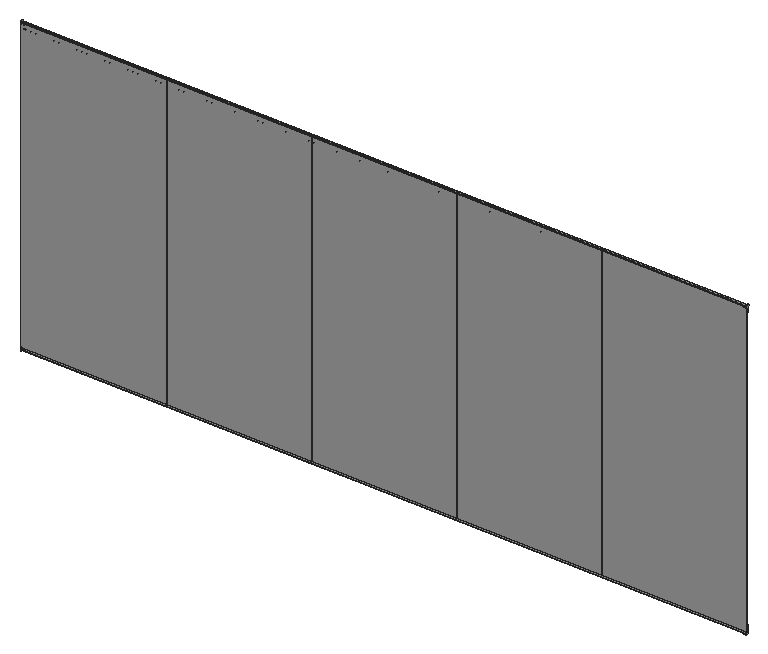
Revit family "Unity Glass Wall 8x20", category Generic Models, Revit 2018
Family settings
  Can host rebar = No
  Round Connector Dimension = Use Diameter
  Part Type = Normal
  Work Plane-Based = No
  Always vertical = Yes
  Cut with Voids When Loaded = No
  Shared = No
  Room Calculation Point = No
Parameters
  Panel #5 = Unity Glass Wall 8x20 Panel #5
  Panel #4 = Unity Glass Wall 8x20 Panel #4
  Panel #3 = Unity Glass Wall 8x20 Panel #3
  Panel #2 = Unity Glass Wall 8x20 Panel #2
  Panel #1 = Unity Glass Wall 8x20 Panel #1
Reference planes (in)
  plane 1 "Center (Front/Back)": y = 0
  plane 2: z = 0
  plane 3 "Center (Left/Right)": x = 0
Forms (in)
  Extrusion 1, solid, material "Unity Glass Wall Trim Metal"
    sketch origin (-118.11024, 0, 12.64022) x (0, 1, 0) y (0, 0, 1)
      loop
        line (0, 83.30899) -> (-0.645, 83.30899)
        arc (-0.645, 83.30899) -> (-0.70034, 83.28391) -> (-0.71795, 83.22577) r 0.07358
        arc (-0.71795, 83.22577) -> (-0.66251, 82.98163) -> (-0.5634, 82.75172) r 1.36464
        arc (-0.5634, 82.75172) -> (-0.54859, 82.73439) -> (-0.52802, 82.72453) r 0.05514
        line (-0.52802, 82.72453) -> (-0.48302, 82.72453) -> (-0.48302, 82.77531) -> (-0.51842, 82.77531)
        arc (-0.51842, 82.77531) -> (-0.6141, 82.99698) -> (-0.66761, 83.23242) r 1.31386
        arc (-0.66761, 83.23242) -> (-0.66215, 83.25044) -> (-0.645, 83.25821) r 0.0228
        line (-0.645, 83.25821) -> (-0.05078, 83.25821) -> (-0.05078, 82.12852) -> (-0.118, 82.19574) -> (-0.118, 82.45703) -> (-0.166, 82.45703) -> (-0.166, 82.19574)
        arc (-0.166, 82.19574) -> (-0.16235, 82.17737) -> (-0.15194, 82.1618) r 0.048
        line (-0.15194, 82.1618) -> (-0.1, 82.10985) -> (-0.1, 81.00078)
        arc (-0.1, 81.00078) -> (-0.05, 80.95078) -> (0, 81.00078) r 0.05
        line (0, 81.00078) -> (0, 83.30899)
    from 0.2 to 236.02047
  Extrusion 2, solid, material "Unity Glass Wall 8x20 Panel #1" <- "Panel #1"
    sketch origin (-118.11024, 0, 0.63581) x (0, 1, 0) y (0, 0, 1)
      loop
        line (-0.48802, -0.53425) -> (-0.28802, -0.53425) -> (-0.28802, 95.26263) -> (-0.48802, 95.26263) -> (-0.48802, -0.53425)
    from 0 to 47.24409
  Extrusion 3, solid, material "Unity Glass Wall Trim Metal"
    sketch origin (-70.86614, 0, 12.64022) x (0, 1, 0) y (0, 0, 1)
      loop
        line (0, 83.35978) -> (-0.645, 83.35978)
        arc (-0.645, 83.35978) -> (-0.73852, 83.31739) -> (-0.76829, 83.21911) r 0.12436
        arc (-0.76829, 83.21911) -> (-0.55414, 82.63679) -> (-0.11151, 82.20201) r 1.41542
        arc (-0.11151, 82.20201) -> (-0.09645, 82.19579) -> (-0.08019, 82.19478) r 0.04981
        line (-0.08019, 82.19478) -> (0, 82.19478) -> (0, 83.35978)
    from -47.24409 to -47.34409
  Extrusion 4, solid, material "Unity Glass Wall Trim Metal"
    sketch origin (-165.35433, 0, 12.64022) x (0, 1, 0) y (0, 0, -1)
      loop
        line (0, -83.35978) -> (0, -81.00078)
        arc (0, -81.00078) -> (-0.05, -80.95078) -> (-0.1, -81.00078) r 0.05
        line (-0.1, -81.00078) -> (-0.1, -82.10985) -> (-0.15194, -82.1618)
        arc (-0.15194, -82.1618) -> (-0.16235, -82.17737) -> (-0.166, -82.19574) r 0.048
        line (-0.166, -82.19574) -> (-0.166, -82.45703) -> (-0.118, -82.45703) -> (-0.118, -82.19574) -> (-0.048, -82.12574) -> (-0.048, -83.30899) -> (-0.645, -83.30899)
        arc (-0.645, -83.30899) -> (-0.70034, -83.28391) -> (-0.71795, -83.22577) r 0.07358
        arc (-0.71795, -83.22577) -> (-0.66202, -82.98012) -> (-0.56188, -82.74894) r 1.36464
        arc (-0.56188, -82.74894) -> (-0.5474, -82.73362) -> (-0.52802, -82.72531) r 0.05198
        line (-0.52802, -82.72531) -> (-0.48302, -82.72531) -> (-0.48302, -82.67453) -> (-0.5309, -82.67453)
        arc (-0.5309, -82.67453) -> (-0.56773, -82.68318) -> (-0.59684, -82.70734) r 0.08265
        arc (-0.59684, -82.70734) -> (-0.70718, -82.95498) -> (-0.76829, -83.21911) r 1.41542
        arc (-0.76829, -83.21911) -> (-0.73852, -83.31739) -> (-0.645, -83.35978) r 0.12436
        line (-0.645, -83.35978) -> (0, -83.35978)
    from -47.24409 to -47.44409
  Extrusion 5, solid, material "Unity Glass Wall Trim Metal"
    sketch origin (-118.11024, 0, 83.35978) x (0, 1, 0) y (0, 0, 1)
      loop
        line (0, -83.30899) -> (0, -81.00078)
        arc (0, -81.00078) -> (-0.05, -80.95078) -> (-0.1, -81.00078) r 0.05
        line (-0.1, -81.00078) -> (-0.1, -82.10985) -> (-0.15194, -82.1618)
        arc (-0.15194, -82.1618) -> (-0.16235, -82.17737) -> (-0.166, -82.19574) r 0.048
        line (-0.166, -82.19574) -> (-0.166, -82.45703) -> (-0.118, -82.45703) -> (-0.118, -82.19574) -> (-0.05078, -82.12852) -> (-0.05078, -83.25821) -> (-0.645, -83.25821)
        arc (-0.645, -83.25821) -> (-0.66215, -83.25044) -> (-0.66761, -83.23242) r 0.0228
        arc (-0.66761, -83.23242) -> (-0.6141, -82.99698) -> (-0.51842, -82.77531) r 1.31386
        line (-0.51842, -82.77531) -> (-0.48302, -82.77531) -> (-0.48302, -82.72453) -> (-0.52802, -82.72453)
        arc (-0.52802, -82.72453) -> (-0.54859, -82.73439) -> (-0.5634, -82.75172) r 0.05514
        arc (-0.5634, -82.75172) -> (-0.66251, -82.98163) -> (-0.71795, -83.22577) r 1.36464
        arc (-0.71795, -83.22577) -> (-0.70034, -83.28391) -> (-0.645, -83.30899) r 0.07358
        line (-0.645, -83.30899) -> (0, -83.30899)
    from 0.2 to 236.02047
  Extrusion 6, solid, material "Unity Glass Wall Trim Metal"
    sketch origin (-70.86614, 0, 83.35978) x (0, 1, 0) y (0, 0, 1)
      loop
        line (0, -83.35978) -> (0, -82.19478) -> (-0.08019, -82.19478)
        arc (-0.08019, -82.19478) -> (-0.09645, -82.19579) -> (-0.11151, -82.20201) r 0.04981
        arc (-0.11151, -82.20201) -> (-0.55414, -82.63679) -> (-0.76829, -83.21911) r 1.41542
        arc (-0.76829, -83.21911) -> (-0.73852, -83.31739) -> (-0.645, -83.35978) r 0.12436
        line (-0.645, -83.35978) -> (0, -83.35978)
    from -47.24409 to -47.34409
  Extrusion 7, solid, material "Unity Glass Wall Trim Metal"
    sketch origin (-165.35433, 0, 83.35978) x (0, 1, 0) y (0, 0, -1)
      loop
        line (0, 83.35978) -> (-0.645, 83.35978)
        arc (-0.645, 83.35978) -> (-0.73852, 83.31739) -> (-0.76829, 83.21911) r 0.12436
        arc (-0.76829, 83.21911) -> (-0.70718, 82.95498) -> (-0.59684, 82.70734) r 1.41542
        arc (-0.59684, 82.70734) -> (-0.56773, 82.68318) -> (-0.5309, 82.67453) r 0.08265
        line (-0.5309, 82.67453) -> (-0.48302, 82.67453) -> (-0.48302, 82.72531) -> (-0.52802, 82.72531)
        arc (-0.52802, 82.72531) -> (-0.5474, 82.73362) -> (-0.56188, 82.74894) r 0.05198
        arc (-0.56188, 82.74894) -> (-0.66202, 82.98012) -> (-0.71795, 83.22577) r 1.36464
        arc (-0.71795, 83.22577) -> (-0.70034, 83.28391) -> (-0.645, 83.30899) r 0.07358
        line (-0.645, 83.30899) -> (-0.048, 83.30899) -> (-0.048, 82.12574) -> (-0.118, 82.19574) -> (-0.118, 82.45703) -> (-0.166, 82.45703) -> (-0.166, 82.19574)
        arc (-0.166, 82.19574) -> (-0.16235, 82.17737) -> (-0.15194, 82.1618) r 0.048
        line (-0.15194, 82.1618) -> (-0.1, 82.10985) -> (-0.1, 81.00078)
        arc (-0.1, 81.00078) -> (-0.05, 80.95078) -> (0, 81.00078) r 0.05
        line (0, 81.00078) -> (0, 83.35978)
    from -47.24409 to -47.44409
  Extrusion 8, solid, material "Unity Glass Wall 8x20 Panel #2" <- "Panel #2"
    sketch origin (-70.86614, 0, 0.63581) x (0, 1, 0) y (0, 0, 1)
      loop
        line (-0.48802, -0.53425) -> (-0.28802, -0.53425) -> (-0.28802, 95.26263) -> (-0.48802, 95.26263) -> (-0.48802, -0.53425)
    from 0 to 47.24409
  Extrusion 9, solid, material "Unity Glass Wall 8x20 Panel #3" <- "Panel #3"
    sketch origin (23.62205, 0, 0.63581) x (0, 1, 0) y (0, 0, -1)
      loop
        line (-0.48802, 0.53425) -> (-0.48802, -95.26263) -> (-0.28802, -95.26263) -> (-0.28802, 0.53425) -> (-0.48802, 0.53425)
    from 0 to 47.24409
  Extrusion 10, solid, material "Unity Glass Wall 8x20 Panel #4" <- "Panel #4"
    sketch origin (70.86614, 0, 0.63581) x (0, 1, 0) y (0, 0, -1)
      loop
        line (-0.48802, 0.53425) -> (-0.48802, -95.26263) -> (-0.28802, -95.26263) -> (-0.28802, 0.53425) -> (-0.48802, 0.53425)
    from 0 to 47.24409
  Extrusion 11, solid, material "Unity Glass Wall 8x20 Panel #5" <- "Panel #5"
    sketch origin (118.11024, 0, 0.63581) x (0, 1, 0) y (0, 0, -1)
      loop
        line (-0.48802, 0.53425) -> (-0.48802, -95.26263) -> (-0.28802, -95.26263) -> (-0.28802, 0.53425) -> (-0.48802, 0.53425)
    from 0 to 47.24409
  Extrusion 12, solid, material "Unity Glass Wall Trim Metal"
    sketch origin (70.86614, 0, 12.64022) x (0, 1, 0) y (0, 0, -1)
      loop
        line (0, -83.35978) -> (0, -82.19478) -> (-0.08019, -82.19478)
        arc (-0.08019, -82.19478) -> (-0.09645, -82.19579) -> (-0.11151, -82.20201) r 0.04981
        arc (-0.11151, -82.20201) -> (-0.55414, -82.63679) -> (-0.76829, -83.21911) r 1.41542
        arc (-0.76829, -83.21911) -> (-0.73852, -83.31739) -> (-0.645, -83.35978) r 0.12436
        line (-0.645, -83.35978) -> (0, -83.35978)
    from -47.24409 to -47.34409
  Extrusion 13, solid, material "Unity Glass Wall Trim Metal"
    sketch origin (165.35433, 0, 12.64022) x (0, 1, 0) y (0, 0, 1)
      loop
        line (0, 83.35978) -> (-0.645, 83.35978)
        arc (-0.645, 83.35978) -> (-0.73852, 83.31739) -> (-0.76829, 83.21911) r 0.12436
        arc (-0.76829, 83.21911) -> (-0.70718, 82.95498) -> (-0.59684, 82.70734) r 1.41542
        arc (-0.59684, 82.70734) -> (-0.56773, 82.68318) -> (-0.5309, 82.67453) r 0.08265
        line (-0.5309, 82.67453) -> (-0.48302, 82.67453) -> (-0.48302, 82.72531) -> (-0.52802, 82.72531)
        arc (-0.52802, 82.72531) -> (-0.5474, 82.73362) -> (-0.56188, 82.74894) r 0.05198
        arc (-0.56188, 82.74894) -> (-0.66202, 82.98012) -> (-0.71795, 83.22577) r 1.36464
        arc (-0.71795, 83.22577) -> (-0.70034, 83.28391) -> (-0.645, 83.30899) r 0.07358
        line (-0.645, 83.30899) -> (-0.048, 83.30899) -> (-0.048, 82.12574) -> (-0.118, 82.19574) -> (-0.118, 82.45703) -> (-0.166, 82.45703) -> (-0.166, 82.19574)
        arc (-0.166, 82.19574) -> (-0.16235, 82.17737) -> (-0.15194, 82.1618) r 0.048
        line (-0.15194, 82.1618) -> (-0.1, 82.10985) -> (-0.1, 81.00078)
        arc (-0.1, 81.00078) -> (-0.05, 80.95078) -> (0, 81.00078) r 0.05
        line (0, 81.00078) -> (0, 83.35978)
    from -47.24409 to -47.44409
  Extrusion 14, solid, material "Unity Glass Wall Trim Metal"
    sketch origin (70.86614, 0, 83.35978) x (0, 1, 0) y (0, 0, -1)
      loop
        line (0, 83.35978) -> (-0.645, 83.35978)
        arc (-0.645, 83.35978) -> (-0.73852, 83.31739) -> (-0.76829, 83.21911) r 0.12436
        arc (-0.76829, 83.21911) -> (-0.55414, 82.63679) -> (-0.11151, 82.20201) r 1.41542
        arc (-0.11151, 82.20201) -> (-0.09645, 82.19579) -> (-0.08019, 82.19478) r 0.04981
        line (-0.08019, 82.19478) -> (0, 82.19478) -> (0, 83.35978)
    from -47.24409 to -47.34409
  Extrusion 15, solid, material "Unity Glass Wall Trim Metal"
    sketch origin (165.35433, 0, 83.35978) x (0, 1, 0) y (0, 0, 1)
      loop
        line (0, -83.35978) -> (0, -81.00078)
        arc (0, -81.00078) -> (-0.05, -80.95078) -> (-0.1, -81.00078) r 0.05
        line (-0.1, -81.00078) -> (-0.1, -82.10985) -> (-0.15194, -82.1618)
        arc (-0.15194, -82.1618) -> (-0.16235, -82.17737) -> (-0.166, -82.19574) r 0.048
        line (-0.166, -82.19574) -> (-0.166, -82.45703) -> (-0.118, -82.45703) -> (-0.118, -82.19574) -> (-0.048, -82.12574) -> (-0.048, -83.30899) -> (-0.645, -83.30899)
        arc (-0.645, -83.30899) -> (-0.70034, -83.28391) -> (-0.71795, -83.22577) r 0.07358
        arc (-0.71795, -83.22577) -> (-0.66202, -82.98012) -> (-0.56188, -82.74894) r 1.36464
        arc (-0.56188, -82.74894) -> (-0.5474, -82.73362) -> (-0.52802, -82.72531) r 0.05198
        line (-0.52802, -82.72531) -> (-0.48302, -82.72531) -> (-0.48302, -82.67453) -> (-0.5309, -82.67453)
        arc (-0.5309, -82.67453) -> (-0.56773, -82.68318) -> (-0.59684, -82.70734) r 0.08265
        arc (-0.59684, -82.70734) -> (-0.70718, -82.95498) -> (-0.76829, -83.21911) r 1.41542
        arc (-0.76829, -83.21911) -> (-0.73852, -83.31739) -> (-0.645, -83.35978) r 0.12436
        line (-0.645, -83.35978) -> (0, -83.35978)
    from -47.24409 to -47.44409
Dimensions and locks (in)
  aligned and locked: plane 2 to level
